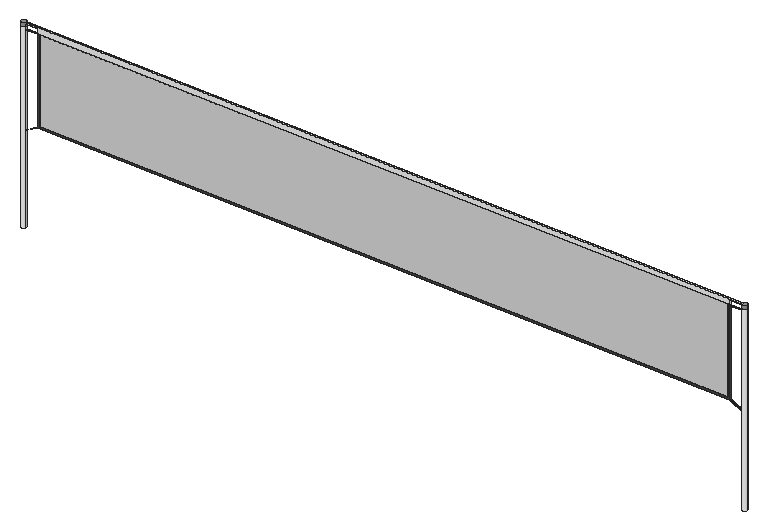
Revit family "Badminton-System_Competition_BM10", category Generic Models, Revit 2018
Family settings
  Can host rebar = No
  Round Connector Dimension = Use Diameter
  Part Type = Normal
  OmniClass Number = 23.40.50.34.14
  OmniClass Title = Gymnasium Equipment
  Work Plane-Based = No
  Always vertical = Yes
  Cut with Voids When Loaded = No
  Shared = No
  Room Calculation Point = No
Parameters
  URL = "https://ipibybison.com/"
  Test Data = "http://www.ipibybison.com/ToolBox.php"
  Specification = "https://www.arcat.com/arcatcos/cos49/arc49571.html"
  Sales Information = "http://www.ipibybison.com/DealersPage.php"
  Revision = "R1_2018-09"
  Product Data = "http://www.arcat.com/arcatcos/cos38/arc38554.html"
  Post Finish = Powder Coat - White
  Post Diameter = 0' - 1.67"
  Net Height = 2' - 6"
  Net Frame Material = Fabric - Black - Netting Frame
  Netting = Finish - IPI by Bison - White Netting
  Model = "As Specified"
  Manufacturer Website = "http://www.ipibybison.com/"
  Manufacturer Phone - Toll Free = "888-438-5311"
  Manufacturer Phone = "888-438-5311"
  Manufacturer Fax = "888-438-5312"
  Manufacturer Address = "603 L St.   Lincoln, NE 68508"
  Manufacturer = "BRP by bison"
  Length = 20' - 0"
  Keynote = "11 66 00"
  Installation-Fabrication = "http://www.ipibybison.com/InstallersPage.php"
  Height = 5' - 1"
  Green Building-LEED = "https://www.arcat.com/green/green_building.shtml"
  Drawn By = "Sumex Design, Inc. / Robert S. Weygant, CSI, CDT, SCIP"
  Description = "IPI by Bison Gymnasium Equipment"
  Copyright = "©Arcat Inc."
  Construction Details = "https://www.arcat.com/downloads/38554-brpbis/bim/bison/BRP%20by%20bison"
  Category = ""
  Building Codes = "https://www.brpbybison.com/submittals.html"
Reference planes (in)
  plane 1 "Center (Front/Back)": y = 0
  plane 2 "Bottom": z = 0
  plane 3 "Center (Left/Right)": x = 0
  plane 4 "Left": x = -120
  plane 5 "Right": x = 120
  plane 6 "Top": z = 61
  plane 7: x = 115
  plane 8: x = -115
  plane 9: z = 31
  plane 10: z = 59.13
  plane 11: x = -114.42
  plane 12: x = 114.42
  plane 13: z = 31.59375
  plane 14: y = 0.125
  plane 15: y = -0.125
  plane 16: z = 60.63
  plane 17: z = 60.065
Forms (in)
  Extrusion 1, solid, material "Powder Coat - White" <- "Post Finish"
    sketch origin (0, 0, 0) x (1, 0, 0) y (0, 1, 0)
      loop
        circle (-120, 0) r 0.835
      loop
        circle (120, 0) r 0.835
    from 0 to 60.065
  Extrusion 2, solid, material "Fabric - Black - Netting Frame" <- "Net Frame Material"
    sketch origin (0, 0, 0) x (1, 0, 0) y (0, 0, 1)
      loop
        line (-115, 31.13908) -> (-120, 28.70041) -> (-120, 28.56134) -> (-115, 31) -> (115, 31) -> (120, 28.56134) -> (120, 28.70041) -> (115, 31.13908) -> (115, 59.005) -> (120, 59.005) -> (120, 59.13) -> (114.42, 59.13) -> (114.42, 31.59375) -> (-114.42, 31.59375) -> (-114.42, 59.13) -> (-120, 59.13) -> (-120, 59.005) -> (-115, 59.005) -> (-115, 31.13908)
    from -0.125 to 0.125
  Extrusion 3, solid, material "Finish - IPI by Bison - White Netting" <- "Netting"
    sketch origin (0, 0, 0) x (1, 0, 0) y (0, 0, 1)
      loop
        line (-114.42, 59.13) -> (-114.42, 31.59375) -> (114.42, 31.59375) -> (114.42, 59.13) -> (-114.42, 59.13)
    from -0.125 to 0.125
  Extrusion 4, solid, material "Aluminum"
    sketch origin (0, 0, 0) x (1, 0, 0) y (0, 1, 0)
      loop
        circle (-120, 0) r 0.835
      loop
        circle (120, 0) r 0.835
    from 60.065 to 61
  Extrusion 5, solid, material "Powder Coat - White" <- "Post Finish"
    sketch origin (0, 0, 0) x (1, 0, 0) y (0, 0, 1)
      loop
        line (-119.16585, 61) -> (-119.16585, 60.63) -> (-115, 60.63) -> (-115, 59.13) -> (115, 59.13) -> (115, 60.63) -> (119.16585, 60.63) -> (119.16585, 61) -> (-119.16585, 61)
    from -0.125 to 0.125
Dimensions and locks (in)
  equal spacing: plane 4 "Left", plane 3 "Center (Left/Right)", plane 5 "Right"
  "Length": plane 4 "Left" to plane 5 "Right"
  "Height": plane 6 "Top" to level
  locked: plane 7 to plane 5 "Right" at 5
  locked: plane 8 to plane 4 "Left" at 5
  "Net Height": plane 6 "Top" to plane 9
  locked: plane 6 "Top" to plane 10 at 1.87
  locked: plane 11 to plane 8 at 0.58
  locked: plane 12 to plane 7 at 0.58
  locked: plane 13 to plane 9 at 0.59375
  locked: plane 14 to plane 1 "Center (Front/Back)" at 0.125
  locked: plane 15 to plane 1 "Center (Front/Back)" at 0.125
  locked: plane 6 "Top" to plane 16 at 0.37
  locked: plane 9 to Extrusion 2 sketch curve at 2.43866  (x2)
  equal spacing: plane 6 "Top", plane 17, plane 10
  locked: plane 10 to Extrusion 2 sketch curve at 0.125  (x2)
  locked: Extrusion 5 sketch curve to plane 5 "Right" at 0.83415
  locked: Extrusion 5 sketch curve to plane 4 "Left" at 0.83415
  "Post Diameter": diameter of Extrusion 1 sketch curve  (x2)
  "Post Diameter": diameter of Extrusion 4 sketch curve  (x2)
  aligned and locked: plane 2 "Bottom" to level
  aligned and locked: plane 1 "Center (Front/Back)" to Extrusion 1 sketch curve  (x2)
  aligned and locked: plane 4 "Left" to Extrusion 1 sketch curve
  aligned and locked: plane 5 "Right" to Extrusion 1 sketch curve
  aligned and locked: Extrusion 1 to level
  aligned and locked: plane 8 to Extrusion 2 sketch curve
  aligned and locked: plane 9 to Extrusion 2 sketch curve  (x2)
  aligned and locked: plane 12 to Extrusion 2 sketch curve
  aligned and locked: plane 13 to Extrusion 2 sketch curve
  aligned and locked: plane 11 to Extrusion 2 sketch curve
  aligned and locked: plane 14 to Extrusion 2
  aligned and locked: plane 5 "Right" to Extrusion 2 sketch curve
  aligned and locked: Extrusion 2 sketch curve to plane 10
  aligned and locked: Extrusion 2 sketch curve to plane 5 "Right"
  aligned and locked: plane 7 to Extrusion 2 sketch curve  (x2)
  aligned and locked: plane 4 "Left" to Extrusion 2 sketch curve
  aligned and locked: Extrusion 2 sketch curve to plane 4 "Left"
  aligned and locked: plane 10 to Extrusion 2 sketch curve
  aligned and locked: Extrusion 3 sketch curve to plane 10
  aligned and locked: plane 13 to Extrusion 3 sketch curve
  aligned and locked: plane 11 to Extrusion 3 sketch curve
  aligned and locked: plane 12 to Extrusion 3 sketch curve
  aligned and locked: plane 14 to Extrusion 3
  aligned and locked: plane 15 to Extrusion 3
  aligned and locked: plane 17 to Extrusion 1
  aligned and locked: plane 4 "Left" to Extrusion 4 sketch curve
  aligned and locked: plane 1 "Center (Front/Back)" to Extrusion 4 sketch curve  (x2)
  aligned and locked: plane 5 "Right" to Extrusion 4 sketch curve
  aligned and locked: Extrusion 4 to plane 17
  aligned and locked: plane 6 "Top" to Extrusion 4
  aligned and locked: Extrusion 5 sketch curve to plane 6 "Top"
  aligned and locked: plane 10 to Extrusion 5 sketch curve
  aligned and locked: plane 7 to Extrusion 5 sketch curve
  aligned and locked: Extrusion 5 sketch curve to plane 16
  aligned and locked: plane 8 to Extrusion 5 sketch curve
  aligned and locked: plane 16 to Extrusion 5 sketch curve
  aligned and locked: plane 14 to Extrusion 5
  aligned and locked: plane 15 to Extrusion 5
Automatic sketch dimensions
  Extrusion 2 sketch curve to plane 8 = 0' - 0"
  Extrusion 2 sketch curve to Extrusion 2 sketch curve = 0' - 0.13908"  (x2)
  plane 9 to Extrusion 2 sketch curve = 0' - 0.13908"  (x2)
